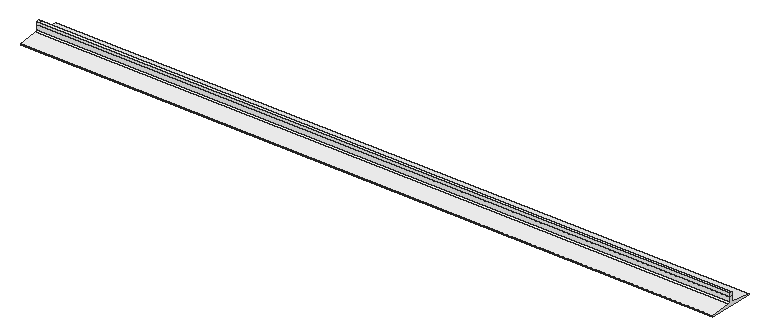
Revit family "K-Form_K35_p_i_5021202", category Generic Models, Revit 2019
Family settings
  Can host rebar = No
  Round Connector Dimension = Use Diameter
  Part Type = Normal
  Work Plane-Based = Yes
  Always vertical = No
  Cut with Voids When Loaded = No
  Shared = No
  Room Calculation Point = No
Parameters
  Yes/No Topliste [instance] = yes
  Website Link [instance] = "https://haucon.dk/produkt/k-form-gulvleder/#variations"
  URL = ""
  Total Length = 2440 mm
  Technical Data Sheet [instance] = ""
  Plastic = PVC
  K-Form Height = 35 mm
  Default Elevation = 1219.2 mm
Reference planes
  plane 1 "Center (Front/Back)": y = 0
  plane 2: z = 0
  plane 3 "Center (Left/Right)": x = 0
  plane 4 "Total length": x = 2440
Forms (mm)
  Extrusion 1, solid, material "PVC" <- "Plastic"
    sketch origin (0, 0, 0) x (0, 1, 0) y (0, 0, 1)
      loop
        line (0, 0) -> (155, 0) -> (155, 2.522)
        arc (155, 2.522) -> (121.189, 8.022) -> (87.018, 10.437) r 377.792
        line (87.018, 10.437) -> (82.455, 15) -> (82.455, 31.01) -> (79.455, 31.01) -> (79.455, 35) -> (75.455, 35) -> (75.455, 31.01) -> (72.429, 31.01) -> (72.429, 15.234) -> (67.622, 10.427)
        arc (67.622, 10.427) -> (33.633, 8.001) -> (0, 2.522) r 377.792
        line (0, 2.522) -> (0, 0)
    from 0 to 2440
Dimensions and locks
  "Total Length": plane 3 "Center (Left/Right)" to plane 4 "Total length"
  locked: Extrusion 1 sketch curve to Extrusion 1 sketch curve at 3.99
  "K-Form Height": Extrusion 1 sketch curve to level
  aligned and locked: level to plane 2
  aligned and locked: Extrusion 1 to plane 3 "Center (Left/Right)"
  aligned and locked: Extrusion 1 to plane 4 "Total length"
  aligned and locked: Extrusion 1 sketch curve to Extrusion 1 sketch curve
Automatic sketch dimensions
  Extrusion 1 sketch curve to Extrusion 1 sketch curve = 0 mm  (x2)
  Extrusion 1 sketch curve to plane 1 "Center (Front/Back)" = 0 mm
  Extrusion 1 sketch curve to level = 0 mm
  level to Extrusion 1 sketch curve = 10.427 mm
  Extrusion 1 sketch curve to plane 1 "Center (Front/Back)" = 67.622 mm
  level to Extrusion 1 sketch curve = 15.234 mm
  Extrusion 1 sketch curve to Extrusion 1 sketch curve = 4.807 mm
  Extrusion 1 sketch curve to Extrusion 1 sketch curve = 3.026 mm
  Extrusion 1 sketch curve to plane 1 "Center (Front/Back)" = 77.5 mm
  Extrusion 1 sketch curve to Extrusion 1 sketch curve = 4 mm
  level to Extrusion 1 sketch curve = 15 mm
  Extrusion 1 sketch curve to Extrusion 1 sketch curve = 10.026 mm
  level to Extrusion 1 sketch curve = 10.437 mm
  Extrusion 1 sketch curve to Extrusion 1 sketch curve = 4.563 mm
  level to Extrusion 1 sketch curve = 2.522 mm
  Extrusion 1 sketch curve to Extrusion 1 sketch curve = 67.982 mm
Nested families
  nested 1: "K-Form_Topliste_p_i_t_5021204" at (0, 72.455, 0), Total Length <- "Total Length", visible <- "Yes/No Topliste", type "For K35"
    with Website Link "https://haucon.dk/produkt/k-form-gulvleder/#variations", Total Length 2440 mm, Technical Data Sheet "", Plastic PVC
Definition of nested family "K-Form_Topliste_p_i_t_5021204"
  Parameters (values of type "For K135")
    Yes/No visibility = yes
    Website Link [instance] = "https://haucon.dk/produkt/k-form-gulvleder/#variations"
    URL = ""
    Total Length [instance] = 2440 mm
    Technical Data Sheet [instance] = ""
    Plastic [instance] = none
    K-Form height = 135 mm
    Default Elevation = 1219.2 mm
  Types (3, lengths in mm): name | K-Form height
    For K85 | 85
    For K35 | 35
    For K135 | 135
  Reference planes
    plane 1 "Center (Front/Back)": y = 0
    plane 2: z = 0
    plane 3 "Center (Left/Right)": x = 0
    plane 4 "Total length": x = 2440
    plane 5: z = 135
  Forms (mm)
    Extrusion 1, solid, visible <- "Yes/No visibility"
      sketch origin (0, -72.455, -40.444) x (0, 1, 0) y (0, 0, 1)
        loop
          line (79.455, 171.444) -> (82.455, 171.444) -> (82.455, 181.471) -> (72.455, 181.471) -> (72.455, 171.444) -> (75.455, 171.444) -> (75.455, 175.444) -> (79.455, 175.444) -> (79.455, 171.444)
        loop
          line (79.455, 178.871) -> (75.455, 178.871) -> (75.455, 177.371) -> (79.455, 177.371) -> (79.455, 178.871)
      from 0 to 2440
  Dimensions and locks
    "Total Length": plane 3 "Center (Left/Right)" to plane 4 "Total length"
    "K-Form height": plane 5 to level
    aligned and locked: level to plane 2
    aligned and locked: plane 4 "Total length" to Extrusion 1
    aligned and locked: Extrusion 1 to plane 3 "Center (Left/Right)"
    aligned and locked: plane 5 to Extrusion 1
  Automatic sketch dimensions
    Extrusion 1 sketch curve to plane 5 = 0 mm
    Extrusion 1 sketch curve to plane 5 = 4 mm
    Extrusion 1 sketch curve to plane 1 "Center (Front/Back)" = 0 mm
    plane 5 to Extrusion 1 sketch curve = 1.927 mm
    Extrusion 1 sketch curve to Extrusion 1 sketch curve = 3 mm  (x2)
    Extrusion 1 sketch curve to Extrusion 1 sketch curve = 0 mm  (x3)
    Extrusion 1 sketch curve to Extrusion 1 sketch curve = 4 mm
    Extrusion 1 sketch curve to Extrusion 1 sketch curve = 1.5 mm
    Extrusion 1 sketch curve to Extrusion 1 sketch curve = 2.6 mm
